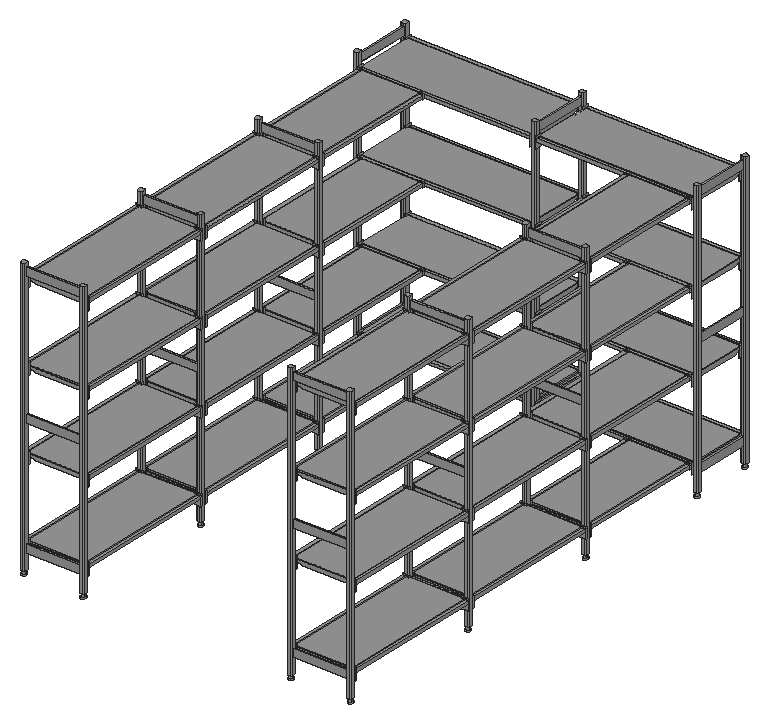
Revit family "QF_ELECTROLUXPROFESSIONAL_137099_CRS2028", category Attrezzature speciali, Revit 2020 (continued)
Definition of nested family "QF_708G"
  Dimensions and locks
    aligned and locked: Extrusion 2 to plane 7
    aligned and locked: plane 8 to Extrusion 2
    aligned and locked: Extrusion 1 to plane 7
    aligned and locked: plane 8 to Extrusion 1
    aligned and locked: Extrusion 1 sketch curve to Extrusion 1 sketch curve  (x2)
    aligned and locked: nested 1 to plane 18 "CXLeft"
    aligned and locked: nested 2 to plane 10
  Automatic sketch dimensions
    curve 2 to plane 4 "Left" = 0 mm
    curve 3 to plane 5 "Right" = 0 mm
    plane 7 to curve 1 = 0 mm
    plane 7 to curve 4 = 0 mm
    plane 7 to curve 5 = 0 mm
    plane 8 to curve 2 = 0 mm
    plane 8 to curve 1 = 0 mm
    plane 8 to curve 3 = 0 mm
    plane 21 "CYFront" to curve 5 = 1.5 mm
    plane 19 to curve 6 = 1.5 mm
    plane 7 to curve 3 = 4 mm
    plane 7 to curve 2 = 4 mm
    plane 12 to curve 4 = 4.493 mm
    curve 4 to plane 11 = 4.493 mm
    plane 5 "Right" to Extrusion 1 sketch curve = 0 mm  (x4)
    plane 4 "Left" to Extrusion 1 sketch curve = 0 mm  (x4)
    plane 21 "CYFront" to Extrusion 1 sketch curve = 1.5 mm  (x2)
    plane 19 to Extrusion 1 sketch curve = 1.5 mm  (x4)
    plane 14 to Extrusion 1 sketch curve = 7.998 mm  (x2)
    Extrusion 1 sketch curve to Extrusion 1 sketch curve = 17.997 mm  (x8)
    plane 15 to Extrusion 1 sketch curve = 7.998 mm  (x2)
    plane 16 to Extrusion 1 sketch curve = 7.998 mm  (x2)
    plane 17 to Extrusion 1 sketch curve = 7.998 mm  (x2)
    plane 21 "CYFront" to Extrusion 2 sketch curve = 3.5 mm  (x4)
    plane 19 to Extrusion 2 sketch curve = 3.493 mm  (x4)
    plane 14 to Extrusion 2 sketch curve = 19.496 mm
    Extrusion 2 sketch curve to Extrusion 2 sketch curve = 6.499 mm  (x4)
    plane 15 to Extrusion 2 sketch curve = 19.496 mm
    plane 16 to Extrusion 2 sketch curve = 19.496 mm
    plane 17 to Extrusion 2 sketch curve = 19.496 mm
  Nested families
    nested 1: "WT_Anta373B" at (-194.5, -132.5, 0) x (0, 1, 0) z (0, 0, 1), type "WT_Anta373B"
    nested 2: "WT_Aggancio373B" at (-194.5, 602.5, 0) x (0, 1, 0) z (0, 0, 1), type "WT_Aggancio373B"
  Definition of nested family "WT_Anta373B"
    Parameters
      WidthLeft = A + 64 mm  # 772 mm
      Width = 1606 mm
      Right = WidthLeft / 2  # 386 mm
      Default Elevation = 0 mm
      Left = -WidthLeft / 2  # -386 mm
      Height = 1590 mm
      FEET = 25 mm
      E = 0 mm
      Dint = Depth - 63 mm  # 310 mm
      Dext = Depth - 8 mm  # 365 mm
      Depth = 373 mm
      DX = (WidthLeft - A) / 2  # 32 mm
      B = 798 mm
      A = 708 mm
    Reference planes
      plane 1: z = 0
      plane 2 "LEFT": x = -417
      plane 3 "BACK": y = 23
      plane 4 "FRONT": y = -350
      plane 5 "TOP": z = 1590
      plane 6 "Center (Front/Back)": y = -163.5
      plane 7: y = -8.5
      plane 8: y = -318.5
      plane 9 "FEET": z = 25
      plane 10: z = 140
      plane 11: z = 590
      plane 12: z = 1040
      plane 13: z = 1490
      plane 14 "CXLeft": x = -403
      plane 15: y = 5.5
      plane 16 "CYBack": y = 5.5
      plane 17 "CYFront": y = -332.5
      plane 18: x = -385.031
      plane 19: x = -380.031
    Forms (mm)
      Extrusion 1, solid
        sketch origin (0, 0, 0) x (1, 0, 0) y (0, 1, 0)
          loop
            line (-417, 13.246) -> (-417, -2.246) -> (-410.746, -8.5) -> (-395.254, -8.5) -> (-389, -2.246) -> (-389, 13.246) -> (-395.254, 19.5) -> (-410.746, 19.5) -> (-417, 13.246)
        from 1590 to 25
      Extrusion 2, solid
        sketch origin (-417, 0, 0) x (0, 1, 0) y (0, 0, 1)
          loop
            line (23, 111.005) -> (23, 172.993) -> (-12.993, 172.993) -> (-12.993, 111.005) -> (23, 111.005)
          loop
            line (-350, 111.005) -> (-314.007, 111.005) -> (-314.007, 172.993) -> (-350, 172.993) -> (-350, 111.005)
          loop
            line (23, 561.005) -> (23, 622.993) -> (-12.993, 622.993) -> (-12.993, 561.005) -> (23, 561.005)
          loop
            line (-350, 561.005) -> (-314.007, 561.005) -> (-314.007, 622.993) -> (-350, 622.993) -> (-350, 561.005)
          loop
            line (23, 1011.005) -> (23, 1072.993) -> (-12.993, 1072.993) -> (-12.993, 1011.005) -> (23, 1011.005)
          loop
            line (-350, 1011.005) -> (-314.007, 1011.005) -> (-314.007, 1072.993) -> (-350, 1072.993) -> (-350, 1011.005)
          loop
            line (23, 1461.005) -> (23, 1522.993) -> (-12.993, 1522.993) -> (-12.993, 1461.005) -> (23, 1461.005)
          loop
            line (-350, 1461.005) -> (-314.007, 1461.005) -> (-314.007, 1522.993) -> (-350, 1522.993) -> (-350, 1461.005)
        from 28 to 32
      Revolve 3, solid
        sketch origin (-403, 0, 0) x (0, 1, 0) y (0, 0, 1)
          loop
            line (5.5, 25) -> (5.5, 0) -> (19, 0) -> (19, 5) -> (14, 5) -> (14, 25) -> (5.5, 25)
          axis (5.5, 25) -> (5.5, 0)
        angle from 0 to 360
      Extrusion 4, solid
        sketch origin (-403, 0, 0) x (0, 1, 0) y (0, 0, 1)
          loop
            line (-8.5, 777.382) -> (-8.5, 822.374) -> (-318.5, 822.374) -> (-318.5, 777.382) -> (-8.5, 777.382)
          loop
            line (-8.5, 1527.244) -> (-8.5, 1572.236) -> (-318.5, 1572.236) -> (-318.5, 1527.244) -> (-8.5, 1527.244)
        from -5 to 5
      Revolve 5, solid
        sketch origin (-403, -627, 0) x (0, -1, 0) y (0, 0, 1)
          loop
            line (-294.5, 25) -> (-294.5, 0) -> (-281, 0) -> (-281, 5) -> (-286, 5) -> (-286, 25) -> (-294.5, 25)
          axis (-294.5, 25) -> (-294.5, 0)
        angle from 0 to 360
      Extrusion 6, solid
        sketch origin (0, -627, 0) x (1, 0, 0) y (0, 1, 0)
          loop
            line (-417, 286.754) -> (-410.746, 280.5) -> (-395.254, 280.5) -> (-389, 286.754) -> (-389, 302.246) -> (-395.254, 308.5) -> (-410.746, 308.5) -> (-417, 302.246) -> (-417, 286.754)
        from 1590 to 25
      Extrusion 7, solid
        sketch origin (-417.031, -0.022, 0) x (0, 1, 0) y (0, 0, -1)
          loop
            line (-12, -1497.998) -> (-46, -1485.994) -> (-281, -1485.994) -> (-315, -1497.998) -> (-331, -1497.998) -> (-331, -1515.994) -> (-329, -1515.994) -> (-329, -1509.496) -> (2.007, -1509.496) -> (2.007, -1515.994) -> (4, -1515.994) -> (4, -1497.998) -> (-12, -1497.998)
          loop
            line (-12, -1047.998) -> (-46, -1035.994) -> (-281, -1035.994) -> (-315, -1047.998) -> (-331, -1047.998) -> (-331, -1065.994) -> (-329, -1065.994) -> (-329, -1059.496) -> (2.007, -1059.496) -> (2.007, -1065.994) -> (4, -1065.994) -> (4, -1047.998) -> (-12, -1047.998)
          loop
            line (-12, -597.998) -> (-46, -585.994) -> (-281, -585.994) -> (-315, -597.998) -> (-331, -597.998) -> (-331, -615.994) -> (-329, -615.994) -> (-329, -609.496) -> (2.007, -609.496) -> (2.007, -615.994) -> (4, -615.994) -> (4, -597.998) -> (-12, -597.998)
          loop
            line (-12, -147.998) -> (-46, -135.994) -> (-281, -135.994) -> (-315, -147.998) -> (-331, -147.998) -> (-331, -165.994) -> (-329, -165.994) -> (-329, -159.496) -> (2.007, -159.496) -> (2.007, -165.994) -> (4, -165.994) -> (4, -147.998) -> (-12, -147.998)
        from -32 to -37
      Extrusion 8, solid
        sketch origin (-403, 0, -659.878) x (0, 1, 0) y (0, 0, 1)
          loop
            line (-8.5, 777.382) -> (-8.5, 822.374) -> (-318.5, 822.374) -> (-318.5, 777.382) -> (-8.5, 777.382)
          loop
            line (-8.5, 1437.382) -> (-8.5, 1482.374) -> (-318.5, 1482.374) -> (-318.5, 1437.382) -> (-8.5, 1437.382)
          loop
            line (-8.5, 2187.382) -> (-8.5, 2232.374) -> (-318.5, 2232.374) -> (-318.5, 2187.382) -> (-8.5, 2187.382)
        from -5 to 5
    Lines and regions (mm)
      symbolic lines
        curve 1: line (-408, -8.5, 1590) -> (-408, -318.5, 1590)
        curve 2: line (-398, -318.5, 1590) -> (-398, -8.5, 1590)
        curve 3: line (-395.254, -8.5, 1590) -> (-410.746, -8.5, 1590)
        curve 4: line (-417, -2.246, 1590) -> (-410.746, -8.5, 1590)
        curve 5: line (-417, 13.246, 1590) -> (-417, -2.246, 1590)
        curve 6: line (-410.746, 19.5, 1590) -> (-417, 13.246, 1590)
        curve 7: line (-395.254, 19.5, 1590) -> (-410.746, 19.5, 1590)
        curve 8: line (-389, 13.246, 1590) -> (-395.254, 19.5, 1590)
        curve 9: line (-395.254, -8.5, 1590) -> (-389, -2.246, 1590)
        curve 10: line (-395.254, -318.5, 1590) -> (-410.746, -318.5, 1590)
        curve 11: line (-417, -324.754, 1590) -> (-410.746, -318.5, 1590)
        curve 12: line (-410.746, -346.5, 1590) -> (-417, -340.246, 1590)
        curve 13: line (-395.254, -346.5, 1590) -> (-410.746, -346.5, 1590)
        curve 14: line (-389, -340.246, 1590) -> (-395.254, -346.5, 1590)
        curve 15: line (-395.254, -318.5, 1590) -> (-389, -324.754, 1590)
        curve 16: line (-389, -350, 1590) -> (-389, -314.007, 1590)
        curve 17: line (-389, -314.007, 1590) -> (-385, -314.007, 1590)
        curve 18: line (-389, 23, 1590) -> (-389, -12.993, 1590)
        curve 19: line (-389, -12.993, 1590) -> (-385, -12.993, 1590)
        curve 20: line (-417, -324.754, 1590) -> (-417, -340.246, 1590)
        curve 21: line (-385, -350, 1590) -> (-385, -314.007, 1590)
        curve 22: line (-385, -350, 1590) -> (-389, -350, 1590)
        curve 23: line (-385, 23, 1590) -> (-389, 23, 1590)
        curve 24: line (-385, -12.993, 1590) -> (-385, 23, 1590)
        curve 25: line (-385.031, -13.016, 1725) -> (-385.031, -314.029, 1725)
    Dimensions and locks
      "Depth": plane 3 "BACK" to plane 4 "FRONT"
      "Dint": plane 7 to plane 8
      equal spacing: plane 7, plane 6 "Center (Front/Back)", plane 8
      equal spacing: plane 3 "BACK", plane 6 "Center (Front/Back)", plane 4 "FRONT"
      plane 9 "FEET" to level = 25 mm
      plane 10 to plane 9 "FEET" = 115 mm
      plane 11 to plane 10 = 450 mm
      plane 12 to plane 11 = 450 mm
      plane 13 to plane 12 = 450 mm
      locked: plane 2 "LEFT" to plane 14 "CXLeft" at 14
      locked: plane 3 "BACK" to plane 16 "CYBack" at 17.5
      locked: plane 17 "CYFront" to plane 4 "FRONT" at 17.5
      locked: Revolve 3 sketch curve to Revolve 3 sketch curve at 8.5
      locked: Revolve 3 sketch curve to plane 16 "CYBack" at 13.5
      locked: Revolve 5 sketch curve to Revolve 5 sketch curve at 8.5
      plane 10 to level = 140 mm
      plane 11 to level = 590 mm
      plane 12 to level = 1040 mm
      plane 13 to level = 1490 mm
      "Height": plane 5 "TOP" to level
      aligned and locked: level to plane 1
      aligned and locked: curve 20 to Extrusion 6
      aligned and locked: plane 5 "TOP" to Extrusion 1
      aligned and locked: plane 5 "TOP" to Extrusion 6
      aligned and locked: Extrusion 7 sketch curve to Extrusion 7 sketch curve  (x3)
    Automatic sketch dimensions
      curve 16 to plane 4 "FRONT" = 0 mm
      curve 11 to plane 8 = 0 mm
      curve 9 to plane 7 = 0 mm
      curve 5 to plane 2 "LEFT" = 0 mm
      curve 23 to plane 3 "BACK" = 0 mm
      plane 4 "FRONT" to curve 13 = 3.5 mm
      curve 20 to plane 17 "CYFront" = 7.746 mm
      curve 20 to plane 8 = 6.254 mm
      plane 8 to curve 16 = 4.493 mm
      curve 24 to plane 18 = 0.031 mm
      curve 24 to plane 7 = 4.493 mm
      plane 7 to curve 5 = 6.254 mm
      curve 5 to plane 15 = 7.746 mm
      curve 6 to plane 3 "BACK" = 3.5 mm
      curve 21 to plane 18 = 0.031 mm
      plane 18 to curve 23 = 3.969 mm
      plane 18 to curve 16 = 3.969 mm
      curve 18 to curve 8 = 6.254 mm
      curve 18 to curve 3 = 6.254 mm
      curve 16 to curve 13 = 6.254 mm
      curve 16 to curve 15 = 6.254 mm
      plane 2 "LEFT" to curve 10 = 6.254 mm
      plane 2 "LEFT" to curve 7 = 6.254 mm
      plane 2 "LEFT" to curve 12 = 6.254 mm
      plane 2 "LEFT" to curve 3 = 6.254 mm
      curve 14 to plane 17 "CYFront" = 7.746 mm
      curve 15 to plane 8 = 6.254 mm
      plane 7 to curve 9 = 6.254 mm
      curve 8 to plane 15 = 7.746 mm
      curve 3 to curve 2 = 2.746 mm
      curve 1 to curve 10 = 2.746 mm
      Extrusion 1 sketch curve to plane 2 "LEFT" = 0 mm
      Extrusion 1 sketch curve to plane 7 = 0 mm
      plane 2 "LEFT" to Extrusion 1 sketch curve = 6.254 mm  (x2)
      plane 14 "CXLeft" to Extrusion 1 sketch curve = 7.746 mm  (x2)
      Extrusion 1 sketch curve to plane 3 "BACK" = 3.5 mm
      plane 18 to Extrusion 1 sketch curve = 3.969 mm
      plane 7 to Extrusion 1 sketch curve = 6.254 mm  (x2)
      Extrusion 1 sketch curve to plane 15 = 7.746 mm  (x2)
      Extrusion 2 sketch curve to plane 4 "FRONT" = 0 mm  (x4)
      Extrusion 2 sketch curve to plane 3 "BACK" = 0 mm  (x4)
      plane 8 to Extrusion 2 sketch curve = 4.493 mm  (x4)
      Extrusion 2 sketch curve to plane 7 = 4.493 mm  (x4)
      Extrusion 2 sketch curve to plane 10 = 28.995 mm  (x2)
      plane 10 to Extrusion 2 sketch curve = 32.993 mm  (x2)
      Extrusion 2 sketch curve to plane 11 = 28.995 mm  (x2)
      plane 11 to Extrusion 2 sketch curve = 32.993 mm  (x2)
      Extrusion 2 sketch curve to plane 12 = 28.995 mm  (x2)
      plane 12 to Extrusion 2 sketch curve = 32.993 mm  (x2)
      Extrusion 2 sketch curve to plane 13 = 28.995 mm  (x2)
      plane 13 to Extrusion 2 sketch curve = 32.993 mm  (x2)
      Revolve 3 sketch curve to plane 9 "FEET" = 0 mm  (x2)
      Revolve 3 sketch curve to plane 15 = 0 mm  (x2)
      Revolve 3 sketch curve to level = 0 mm
      level to Revolve 3 sketch curve = 5 mm
      Revolve 3 sketch curve to Revolve 3 sketch curve = 11.655 mm
      Extrusion 4 sketch curve to plane 8 = 0 mm  (x2)
      Extrusion 4 sketch curve to plane 7 = 0 mm  (x2)
      plane 11 to Extrusion 4 sketch curve = 187.382 mm
      Extrusion 4 sketch curve to Extrusion 4 sketch curve = 44.992 mm
      plane 13 to Extrusion 4 sketch curve = 37.244 mm
      Extrusion 4 sketch curve to plane 5 "TOP" = 17.764 mm
      Revolve 5 sketch curve to plane 9 "FEET" = 0 mm  (x2)
      Revolve 5 sketch curve to plane 17 "CYFront" = 0 mm  (x2)
      Revolve 5 sketch curve to level = 0 mm
      Revolve 5 sketch curve to plane 4 "FRONT" = 4 mm
      Revolve 5 sketch curve to Revolve 5 sketch curve = 5 mm
      level to Revolve 5 sketch curve = 11.655 mm
      Extrusion 6 sketch curve to plane 2 "LEFT" = 0 mm
      Extrusion 6 sketch curve to plane 8 = 0 mm
      Extrusion 6 sketch curve to plane 2 "LEFT" = 6.254 mm  (x2)
      Extrusion 6 sketch curve to plane 14 "CXLeft" = 7.746 mm  (x2)
      Extrusion 6 sketch curve to plane 4 "FRONT" = 3.5 mm
      Extrusion 6 sketch curve to plane 18 = 3.969 mm
      plane 8 to Extrusion 6 sketch curve = 6.254 mm  (x2)
      plane 17 "CYFront" to Extrusion 6 sketch curve = 7.746 mm  (x2)
      plane 17 "CYFront" to Extrusion 7 sketch curve = 1.478 mm  (x4)
      Extrusion 7 sketch curve to Extrusion 7 sketch curve = 2 mm
      plane 8 to Extrusion 7 sketch curve = 3.478 mm  (x4)
      Extrusion 7 sketch curve to plane 10 = 4.006 mm
      Extrusion 7 sketch curve to Extrusion 7 sketch curve = 34 mm  (x4)
      Extrusion 7 sketch curve to plane 11 = 4.006 mm
      Extrusion 7 sketch curve to plane 12 = 4.006 mm
      Extrusion 7 sketch curve to plane 13 = 4.006 mm
      Extrusion 7 sketch curve to plane 7 = 37.522 mm  (x4)
      Extrusion 7 sketch curve to plane 7 = 3.522 mm  (x4)
      plane 15 to Extrusion 7 sketch curve = 3.516 mm  (x4)
      plane 15 to Extrusion 7 sketch curve = 1.522 mm  (x4)
      plane 13 to Extrusion 7 sketch curve = 7.998 mm  (x2)
      Extrusion 7 sketch curve to Extrusion 7 sketch curve = 11.498 mm
      Extrusion 7 sketch curve to Extrusion 7 sketch curve = 6.499 mm  (x5)
      plane 12 to Extrusion 7 sketch curve = 25.994 mm  (x2)
      plane 12 to Extrusion 7 sketch curve = 7.998 mm  (x2)
      plane 11 to Extrusion 7 sketch curve = 25.994 mm  (x2)
      plane 11 to Extrusion 7 sketch curve = 7.998 mm  (x2)
      plane 10 to Extrusion 7 sketch curve = 25.994 mm  (x2)
      plane 10 to Extrusion 7 sketch curve = 7.998 mm  (x2)
      curve 25 to plane 18 = 0 mm
      plane 8 to curve 25 = 4.471 mm
      curve 25 to plane 7 = 4.516 mm
      Extrusion 8 sketch curve to plane 8 = 0 mm  (x3)
      Extrusion 8 sketch curve to plane 7 = 0 mm  (x3)
      Extrusion 8 sketch curve to plane 10 = 22.496 mm
      plane 10 to Extrusion 8 sketch curve = 22.496 mm
      plane 11 to Extrusion 8 sketch curve = 187.504 mm
      Extrusion 8 sketch curve to Extrusion 8 sketch curve = 44.992 mm
      plane 13 to Extrusion 8 sketch curve = 37.504 mm
      Extrusion 8 sketch curve to plane 5 "TOP" = 17.504 mm
  Definition of nested family "WT_Aggancio373B"
    Parameters
      WidthLeft = A + 64 mm  # 772 mm
      Width = 1606 mm
      Right = WidthLeft / 2  # 386 mm
      Default Elevation = 0 mm
      Left = -WidthLeft / 2  # -386 mm
      Height = 1590 mm
      FEET = 25 mm
      E = 0 mm
      Dint = Depth - 63 mm  # 310 mm
      Dext = Depth - 8 mm  # 365 mm
      Depth = 373 mm
      DX = (WidthLeft - A) / 2  # 32 mm
      B = 798 mm
      A = 708 mm
    Reference planes
      plane 1: z = 0
      plane 2 "LEFT": x = -417
      plane 3 "BACK": y = 23
      plane 4 "FRONT": y = -350
      plane 5 "TOP": z = 1590
      plane 6 "Center (Front/Back)": y = -163.5
      plane 7: y = -8.5
      plane 8: y = -318.5
      plane 9 "FEET": z = 25
      plane 10: z = 140
      plane 11: z = 590
      plane 12: z = 1040
      plane 13: z = 1490
      plane 14: y = 5.5
      plane 15 "CYBack": y = 5.5
      plane 16 "CYFront": y = -332.5
    Forms (mm)
      Extrusion 1, solid
        sketch origin (-380, -0.022, 0) x (0, 1, 0) y (0, 0, 1)
          loop
            line (-12, 1497.998) -> (4, 1497.998) -> (4, 1515.994) -> (2.007, 1515.994) -> (2.007, 1509.496) -> (-329, 1509.496) -> (-329, 1515.994) -> (-331, 1515.994) -> (-331, 1497.998) -> (-315, 1497.998) -> (-281, 1485.994) -> (-46, 1485.994) -> (-12, 1497.998)
          loop
            line (-12, 1047.998) -> (4, 1047.998) -> (4, 1065.994) -> (2.007, 1065.994) -> (2.007, 1059.496) -> (-329, 1059.496) -> (-329, 1065.994) -> (-331, 1065.994) -> (-331, 1047.998) -> (-315, 1047.998) -> (-281, 1035.994) -> (-46, 1035.994) -> (-12, 1047.998)
          loop
            line (-12, 597.998) -> (4, 597.998) -> (4, 615.994) -> (2.007, 615.994) -> (2.007, 609.496) -> (-329, 609.496) -> (-329, 615.994) -> (-331, 615.994) -> (-331, 597.998) -> (-315, 597.998) -> (-281, 585.994) -> (-46, 585.994) -> (-12, 597.998)
          loop
            line (-12, 147.998) -> (4, 147.998) -> (4, 165.994) -> (2.007, 165.994) -> (2.007, 159.496) -> (-329, 159.496) -> (-329, 165.994) -> (-331, 165.994) -> (-331, 147.998) -> (-315, 147.998) -> (-281, 135.994) -> (-46, 135.994) -> (-12, 147.998)
        from -32 to -37
      Extrusion 2, solid
        sketch origin (-793.062, -324.754, 6.5) x (1, 0, 0) y (0, 0, 1)
          loop
            line (385.062, 1509.496) -> (385.062, 1512.496) -> (376.062, 1512.496) -> (376.062, 1485.994) -> (390.031, 1485.994) -> (390.031, 1491.496) -> (381.062, 1491.496) -> (381.062, 1509.496) -> (385.062, 1509.496)
          loop
            line (385.062, 1059.496) -> (385.062, 1062.496) -> (376.062, 1062.496) -> (376.062, 1035.994) -> (390.031, 1035.994) -> (390.031, 1041.496) -> (381.062, 1041.496) -> (381.062, 1059.496) -> (385.062, 1059.496)
          loop
            line (385.062, 609.496) -> (385.062, 612.496) -> (376.062, 612.496) -> (376.062, 585.994) -> (390.031, 585.994) -> (390.031, 591.496) -> (381.062, 591.496) -> (381.062, 609.496) -> (385.062, 609.496)
          loop
            line (385.062, 159.496) -> (385.062, 162.496) -> (376.062, 162.496) -> (376.062, 135.994) -> (390.031, 135.994) -> (390.031, 141.496) -> (381.062, 141.496) -> (381.062, 159.496) -> (385.062, 159.496)
        from 6.268 to 25.246
      Extrusion 3, solid
        sketch origin (-793.062, 32.754, 6.5) x (1, 0, 0) y (0, 0, 1)
          loop
            line (385.062, 1509.496) -> (385.062, 1512.496) -> (376.062, 1512.496) -> (376.062, 1485.994) -> (390.031, 1485.994) -> (390.031, 1491.496) -> (381.062, 1491.496) -> (381.062, 1509.496) -> (385.062, 1509.496)
          loop
            line (385.062, 1059.496) -> (385.062, 1062.496) -> (376.062, 1062.496) -> (376.062, 1035.994) -> (390.031, 1035.994) -> (390.031, 1041.496) -> (381.062, 1041.496) -> (381.062, 1059.496) -> (385.062, 1059.496)
          loop
            line (385.062, 609.496) -> (385.062, 612.496) -> (376.062, 612.496) -> (376.062, 585.994) -> (390.031, 585.994) -> (390.031, 591.496) -> (381.062, 591.496) -> (381.062, 609.496) -> (385.062, 609.496)
          loop
            line (385.062, 159.496) -> (385.062, 162.496) -> (376.062, 162.496) -> (376.062, 135.994) -> (390.031, 135.994) -> (390.031, 141.496) -> (381.062, 141.496) -> (381.062, 159.496) -> (385.062, 159.496)
        from 9.754 to 28.776
    Lines and regions (mm)
      symbolic lines
        curve 1: line (-412, -350, 0) -> (-408, -350, 0)
        curve 2: line (-412, -331.022, 0) -> (-412, -350, 0)
        curve 3: line (-408, -331.022, 0) -> (-412, -331.022, 0)
        curve 4: line (-408, -350, 0) -> (-408, -331.022, 0)
        curve 5: line (-412, 3.978, 0) -> (-408, 3.978, 0)
        curve 6: line (-412, 23, 0) -> (-412, 3.978, 0)
        curve 7: line (-408, 23, 0) -> (-412, 23, 0)
        curve 8: line (-408, 3.978, 0) -> (-408, 23, 0)
    Dimensions and locks
      "Height": plane 5 "TOP" to level
      "Depth": plane 3 "BACK" to plane 4 "FRONT"
      "Dint": plane 7 to plane 8
      equal spacing: plane 7, plane 6 "Center (Front/Back)", plane 8
      equal spacing: plane 3 "BACK", plane 6 "Center (Front/Back)", plane 4 "FRONT"
      plane 9 "FEET" to level = 25 mm
      plane 10 to plane 9 "FEET" = 115 mm
      locked: plane 11 to plane 10 at 450
      locked: plane 12 to plane 11 at 450
      locked: plane 13 to plane 12 at 450
      locked: plane 3 "BACK" to plane 15 "CYBack" at 17.5
      locked: plane 16 "CYFront" to plane 4 "FRONT" at 17.5
      aligned and locked: level to plane 1
      aligned and locked: Extrusion 1 sketch curve to Extrusion 1 sketch curve  (x3)
    Automatic sketch dimensions
      plane 16 "CYFront" to Extrusion 1 sketch curve = 1.478 mm  (x4)
      Extrusion 1 sketch curve to Extrusion 1 sketch curve = 2 mm
      plane 8 to Extrusion 1 sketch curve = 3.478 mm  (x4)
      Extrusion 1 sketch curve to plane 10 = 4.006 mm
      Extrusion 1 sketch curve to Extrusion 1 sketch curve = 34 mm  (x4)
      Extrusion 1 sketch curve to plane 11 = 4.006 mm
      Extrusion 1 sketch curve to plane 12 = 4.006 mm
      Extrusion 1 sketch curve to plane 13 = 4.006 mm
      Extrusion 1 sketch curve to plane 7 = 37.522 mm  (x4)
      Extrusion 1 sketch curve to plane 7 = 3.522 mm  (x4)
      plane 14 to Extrusion 1 sketch curve = 3.516 mm  (x4)
      plane 14 to Extrusion 1 sketch curve = 1.522 mm  (x4)
      plane 10 to Extrusion 1 sketch curve = 7.998 mm  (x2)
      Extrusion 1 sketch curve to Extrusion 1 sketch curve = 11.498 mm  (x4)
      Extrusion 1 sketch curve to Extrusion 1 sketch curve = 6.499 mm  (x8)
      plane 11 to Extrusion 1 sketch curve = 7.998 mm  (x2)
      plane 12 to Extrusion 1 sketch curve = 7.998 mm  (x2)
      plane 13 to Extrusion 1 sketch curve = 7.998 mm  (x2)
      plane 2 "LEFT" to Extrusion 2 sketch curve = 0 mm  (x4)
      plane 13 to Extrusion 2 sketch curve = 7.996 mm
      plane 11 to Extrusion 2 sketch curve = 7.996 mm
      Extrusion 2 sketch curve to Extrusion 2 sketch curve = 5 mm  (x4)
      plane 11 to Extrusion 2 sketch curve = 2.494 mm
      plane 10 to Extrusion 2 sketch curve = 28.996 mm
      Extrusion 2 sketch curve to Extrusion 2 sketch curve = 3 mm  (x4)
      plane 10 to Extrusion 2 sketch curve = 7.996 mm
      plane 10 to Extrusion 2 sketch curve = 2.494 mm
      Extrusion 2 sketch curve to Extrusion 2 sketch curve = 18 mm  (x3)
      plane 12 to Extrusion 2 sketch curve = 2.494 mm
      plane 12 to Extrusion 2 sketch curve = 7.996 mm
      plane 13 to Extrusion 2 sketch curve = 2.494 mm
      plane 2 "LEFT" to Extrusion 3 sketch curve = 0 mm  (x4)
      plane 13 to Extrusion 3 sketch curve = 7.996 mm
      plane 11 to Extrusion 3 sketch curve = 7.996 mm
      Extrusion 3 sketch curve to Extrusion 3 sketch curve = 5 mm  (x4)
      plane 11 to Extrusion 3 sketch curve = 2.494 mm
      plane 10 to Extrusion 3 sketch curve = 28.996 mm
      Extrusion 3 sketch curve to Extrusion 3 sketch curve = 3 mm  (x4)
      plane 10 to Extrusion 3 sketch curve = 7.996 mm
      plane 10 to Extrusion 3 sketch curve = 2.494 mm
      Extrusion 3 sketch curve to Extrusion 3 sketch curve = 18 mm  (x3)
      plane 12 to Extrusion 3 sketch curve = 2.494 mm
      plane 12 to Extrusion 3 sketch curve = 7.996 mm
      plane 13 to Extrusion 3 sketch curve = 2.494 mm
      plane 2 "LEFT" to curve 1 = 5 mm
      plane 2 "LEFT" to curve 7 = 5 mm
      curve 1 to plane 16 "CYFront" = 17.5 mm
      curve 3 to plane 8 = 12.522 mm
      plane 7 to curve 5 = 12.478 mm
      curve 7 to plane 14 = 17.5 mm
      curve 5 to curve 5 = 4 mm
      curve 1 to curve 4 = 4 mm
      Extrusion 2 sketch curve to Extrusion 2 sketch curve = 4 mm  (x4)
      Extrusion 2 sketch curve to Extrusion 2 sketch curve = 8.969 mm  (x4)
      Extrusion 3 sketch curve to Extrusion 3 sketch curve = 4 mm  (x4)
      Extrusion 3 sketch curve to Extrusion 3 sketch curve = 8.969 mm  (x4)
Definition of nested family "QF_798"
  Parameters
    Default Elevation = 0 mm
    Model = "137011"
    Manufacturer = "Electrolux Professional"
    Description = ""
  Reference planes
    plane 1: z = 0
    plane 2 "Center (Left/Right)": x = -31
    plane 3 "LEFT": x = -462
    plane 4 "RIGHT": x = 400
    plane 5 "BACK": y = 23
    plane 6 "FRONT": y = -350
    plane 7 "TOP": z = 1700
    plane 8: x = 395
    plane 9: x = -430
    plane 10: x = 368
    plane 11 "Center (Front/Back)": y = -163.5
    plane 12: x = 363
    plane 13: y = -8.5
    plane 14: y = -318.5
    plane 15 "FEET": z = 25
    plane 16: z = 140
    plane 17: z = 590
    plane 18: z = 1040
    plane 19: z = 1490
    plane 20 "CXLeft": x = -448
    plane 21 "CXRight": x = 386
    plane 22: y = 5.5
    plane 23 "CYBack": y = 5.5
    plane 24 "CYFront": y = -332.5
  Forms (mm)
    Extrusion 1, solid
      sketch origin (-462, 0, 0) x (0, 1, 0) y (0, 0, 1)
        loop
          line (4, 1515.994) -> (4, 1497.998) -> (23, 1497.998) -> (23, 1515.994) -> (4, 1515.994)
        loop
          line (-331, 1515.994) -> (-350, 1515.994) -> (-350, 1497.998) -> (-331, 1497.998) -> (-331, 1515.994)
        loop
          line (4, 1065.994) -> (4, 1047.998) -> (23, 1047.998) -> (23, 1065.994) -> (4, 1065.994)
        loop
          line (-331, 1065.994) -> (-350, 1065.994) -> (-350, 1047.998) -> (-331, 1047.998) -> (-331, 1065.994)
        loop
          line (4, 615.994) -> (4, 597.998) -> (23, 597.998) -> (23, 615.994) -> (4, 615.994)
        loop
          line (-331, 615.994) -> (-350, 615.994) -> (-350, 597.998) -> (-331, 597.998) -> (-331, 615.994)
        loop
          line (4, 165.994) -> (4, 147.998) -> (23, 147.998) -> (23, 165.994) -> (4, 165.994)
        loop
          line (-331, 165.994) -> (-350, 165.994) -> (-350, 147.998) -> (-331, 147.998) -> (-331, 165.994)
      from 32 to 830
    Extrusion 2, solid
      sketch origin (-462, 0, 135) x (0, 1, 0) y (0, 0, 1)
        loop
          line (2.007, 1380.994) -> (-329, 1380.994) -> (-329, 1374.496) -> (2.007, 1374.496) -> (2.007, 1380.994)
        loop
          line (2.007, 930.994) -> (-329, 930.994) -> (-329, 924.496) -> (2.007, 924.496) -> (2.007, 930.994)
        loop
          line (2.007, 480.994) -> (-329, 480.994) -> (-329, 474.496) -> (2.007, 474.496) -> (2.007, 480.994)
        loop
          line (2.007, 30.994) -> (-329, 30.994) -> (-329, 24.496) -> (2.007, 24.496) -> (2.007, 30.994)
      from 32 to 830
    Extrusion 3, solid
      sketch origin (400, 0, 135) x (0, 1, 0) y (0, 0, 1)
        loop
          line (-12, 1362.998) -> (4, 1362.998) -> (4, 1380.994) -> (2.007, 1380.994) -> (2.007, 1374.496) -> (-329, 1374.496) -> (-329, 1380.994) -> (-331, 1380.994) -> (-331, 1362.998) -> (-315, 1362.998) -> (-281, 1350.994) -> (-46, 1350.994) -> (-12, 1362.998)
        loop
          line (-12, 912.998) -> (4, 912.998) -> (4, 930.994) -> (2.007, 930.994) -> (2.007, 924.496) -> (-329, 924.496) -> (-329, 930.994) -> (-331, 930.994) -> (-331, 912.998) -> (-315, 912.998) -> (-281, 900.994) -> (-46, 900.994) -> (-12, 912.998)
        loop
          line (-12, 462.998) -> (4, 462.998) -> (4, 480.994) -> (2.007, 480.994) -> (2.007, 474.496) -> (-329, 474.496) -> (-329, 480.994) -> (-331, 480.994) -> (-331, 462.998) -> (-315, 462.998) -> (-281, 450.994) -> (-46, 450.994) -> (-12, 462.998)
        loop
          line (-12, 12.998) -> (4, 12.998) -> (4, 30.994) -> (2.007, 30.994) -> (2.007, 24.496) -> (-329, 24.496) -> (-329, 30.994) -> (-331, 30.994) -> (-331, 12.998) -> (-315, 12.998) -> (-281, 0.994) -> (-46, 0.994) -> (-12, 12.998)
      from -32 to -37
  Lines and regions (mm)
    symbolic lines
      curve 1: line (368, 4, 1700) -> (-430, 4, 1700)
      curve 2: line (-434, 23, 1700) -> (372, 23, 1700)
      curve 3: line (372, 13.246, 1700) -> (378.254, 19.5, 1700)
      curve 4: line (378.254, -8.5, 1700) -> (372, -2.246, 1700)
      curve 5: line (378.254, -318.5, 1700) -> (372, -324.754, 1700)
      curve 6: line (-434, -350, 1700) -> (372, -350, 1700)
      curve 7: line (372, 23, 1700) -> (372, -12.993, 1700)
      curve 8: line (372, -12.993, 1700) -> (368, -12.993, 1700)
      curve 9: line (372, -350, 1700) -> (372, -314.007, 1700)
      curve 10: line (372, -314.007, 1700) -> (368, -314.007, 1700)
      curve 11: line (-430, -12.993, 1700) -> (-430, -314.007, 1700)
      curve 12: line (-430, -331, 1700) -> (368, -331, 1700)
      curve 13: line (368, -12.993, 1700) -> (368, -314.007, 1700)
  Dimensions and locks
    locked: plane 3 "LEFT" to plane 4 "RIGHT" at 862
    equal spacing: plane 3 "LEFT", plane 2 "Center (Left/Right)", plane 4 "RIGHT"
    locked: plane 7 "TOP" to level at 1700
    locked: plane 5 "BACK" to plane 6 "FRONT" at 373
    locked: plane 4 "RIGHT" to plane 8 at 5
    locked: plane 9 to plane 10 at 798
    locked: plane 3 "LEFT" to plane 9 at 32
    plane 12 to plane 10 = 5 mm
    locked: plane 13 to plane 14 at 310
    equal spacing: plane 13, plane 11 "Center (Front/Back)", plane 14
    equal spacing: plane 5 "BACK", plane 11 "Center (Front/Back)", plane 6 "FRONT"
    plane 15 "FEET" to level = 25 mm
    plane 7 "TOP" to plane 15 "FEET" = 1675 mm
    plane 17 to plane 16 = 450 mm
    plane 18 to plane 17 = 450 mm
    plane 19 to plane 18 = 450 mm
    locked: plane 3 "LEFT" to plane 20 "CXLeft" at 14
    locked: plane 21 "CXRight" to plane 4 "RIGHT" at 14
    locked: plane 5 "BACK" to plane 23 "CYBack" at 17.5
    locked: plane 24 "CYFront" to plane 6 "FRONT" at 17.5
    plane 16 to level = 140 mm
    plane 17 to level = 590 mm
    plane 18 to level = 1040 mm
    plane 19 to level = 1490 mm
    aligned and locked: level to plane 1
    aligned and locked: plane 9 to Extrusion 2
    aligned and locked: Extrusion 2 to plane 10
    aligned and locked: plane 9 to Extrusion 1
    aligned and locked: Extrusion 1 to plane 10
    aligned and locked: Extrusion 1 sketch curve to Extrusion 1 sketch curve  (x2)
    aligned and locked: Extrusion 3 sketch curve to Extrusion 3 sketch curve  (x3)
    aligned and locked: Extrusion 3 to plane 12
    aligned and locked: Extrusion 3 to plane 10
    aligned and locked: plane 20 "CXLeft" to nested 1
    aligned and locked: plane 21 "CXRight" to nested 2
  Automatic sketch dimensions
    Extrusion 1 sketch curve to plane 6 "FRONT" = 0 mm  (x4)
    Extrusion 1 sketch curve to plane 5 "BACK" = 0 mm  (x4)
    plane 24 "CYFront" to Extrusion 1 sketch curve = 1.5 mm  (x2)
    plane 22 to Extrusion 1 sketch curve = 1.5 mm  (x4)
    plane 16 to Extrusion 1 sketch curve = 7.998 mm  (x2)
    Extrusion 1 sketch curve to Extrusion 1 sketch curve = 17.997 mm  (x8)
    plane 17 to Extrusion 1 sketch curve = 7.998 mm  (x2)
    plane 18 to Extrusion 1 sketch curve = 7.998 mm  (x2)
    plane 19 to Extrusion 1 sketch curve = 7.998 mm  (x2)
    plane 24 "CYFront" to Extrusion 2 sketch curve = 3.5 mm  (x4)
    plane 22 to Extrusion 2 sketch curve = 3.493 mm  (x4)
    plane 16 to Extrusion 2 sketch curve = 19.496 mm
    Extrusion 2 sketch curve to Extrusion 2 sketch curve = 6.499 mm  (x4)
    plane 17 to Extrusion 2 sketch curve = 19.496 mm
    plane 18 to Extrusion 2 sketch curve = 19.496 mm
    plane 19 to Extrusion 2 sketch curve = 19.496 mm
    plane 24 "CYFront" to Extrusion 3 sketch curve = 1.5 mm  (x4)
    Extrusion 3 sketch curve to Extrusion 3 sketch curve = 2 mm
    plane 14 to Extrusion 3 sketch curve = 3.5 mm  (x4)
    Extrusion 3 sketch curve to plane 16 = 4.006 mm
    Extrusion 3 sketch curve to Extrusion 3 sketch curve = 34 mm  (x4)
    Extrusion 3 sketch curve to plane 17 = 4.006 mm
    Extrusion 3 sketch curve to plane 18 = 4.006 mm
    Extrusion 3 sketch curve to plane 19 = 4.006 mm
    Extrusion 3 sketch curve to plane 13 = 37.5 mm  (x4)
    Extrusion 3 sketch curve to plane 13 = 3.5 mm  (x4)
    plane 22 to Extrusion 3 sketch curve = 3.493 mm  (x4)
    plane 22 to Extrusion 3 sketch curve = 1.5 mm  (x4)
    plane 16 to Extrusion 3 sketch curve = 7.998 mm  (x2)
    Extrusion 3 sketch curve to Extrusion 3 sketch curve = 11.498 mm  (x4)
    Extrusion 3 sketch curve to Extrusion 3 sketch curve = 6.499 mm  (x8)
    plane 17 to Extrusion 3 sketch curve = 7.998 mm  (x2)
    plane 18 to Extrusion 3 sketch curve = 7.998 mm  (x2)
    plane 19 to Extrusion 3 sketch curve = 7.998 mm  (x2)
    curve 6 to plane 6 "FRONT" = 0 mm
    curve 12 to plane 9 = 0 mm
    curve 12 to plane 10 = 0 mm
    curve 5 to plane 14 = 0 mm
    curve 11 to plane 9 = 0 mm
    curve 8 to plane 10 = 0 mm
    curve 4 to plane 13 = 0 mm
    curve 1 to plane 9 = 0 mm
    curve 1 to plane 10 = 0 mm
    curve 2 to plane 5 "BACK" = 0 mm
    plane 14 to curve 10 = 4.493 mm
    curve 7 to plane 13 = 4.493 mm
    curve 10 to plane 10 = 4 mm
    curve 7 to plane 10 = 4 mm
    plane 24 "CYFront" to curve 12 = 1.5 mm
    curve 5 to plane 14 = 6.254 mm
    plane 14 to curve 11 = 4.493 mm
    curve 11 to plane 13 = 4.493 mm
    plane 13 to curve 4 = 6.254 mm
    plane 22 to curve 1 = 1.5 mm
    curve 3 to plane 22 = 7.746 mm
    curve 3 to plane 5 "BACK" = 3.5 mm
    curve 5 to curve 9 = 6.254 mm
    curve 3 to curve 2 = 6.254 mm
    curve 4 to curve 7 = 6.254 mm
    plane 9 to curve 2 = 4 mm
    plane 9 to curve 6 = 4 mm
  Nested families
    nested 1: "WT_Anta373B" at (-45, 0, 0), type "WT_Anta373B"
    nested 2: "WT_Anta373B" at (-17, 0, 0) x (-1, 0, 0) z (0, 0, 1), type "WT_Anta373B"
  Definition of nested family "WT_Anta373B"
    Parameters
      WidthLeft = A + 64 mm  # 772 mm
      Width = 1606 mm
      Right = WidthLeft / 2  # 386 mm
      Default Elevation = 0 mm
      Left = -WidthLeft / 2  # -386 mm
      Height = 1590 mm
      FEET = 25 mm
      E = 0 mm
      Dint = Depth - 63 mm  # 310 mm
      Dext = Depth - 8 mm  # 365 mm
      Depth = 373 mm
      DX = (WidthLeft - A) / 2  # 32 mm
      B = 798 mm
      A = 708 mm
    Reference planes
      plane 1: z = 0
      plane 2 "LEFT": x = -417
      plane 3 "BACK": y = 23
      plane 4 "FRONT": y = -350
      plane 5 "TOP": z = 1590
      plane 6 "Center (Front/Back)": y = -163.5
      plane 7: y = -8.5
      plane 8: y = -318.5
      plane 9 "FEET": z = 25
      plane 10: z = 140
      plane 11: z = 590
      plane 12: z = 1040
      plane 13: z = 1490
      plane 14 "CXLeft": x = -403
      plane 15: y = 5.5
      plane 16 "CYBack": y = 5.5
      plane 17 "CYFront": y = -332.5
      plane 18: x = -385.031
      plane 19: x = -380.031
    Forms (mm)
      Extrusion 1, solid
        sketch origin (0, 0, 0) x (1, 0, 0) y (0, 1, 0)
          loop
            line (-417, 13.246) -> (-417, -2.246) -> (-410.746, -8.5) -> (-395.254, -8.5) -> (-389, -2.246) -> (-389, 13.246) -> (-395.254, 19.5) -> (-410.746, 19.5) -> (-417, 13.246)
        from 1590 to 25
      Extrusion 2, solid
        sketch origin (-417, 0, 0) x (0, 1, 0) y (0, 0, 1)
          loop
            line (23, 111.005) -> (23, 172.993) -> (-12.993, 172.993) -> (-12.993, 111.005) -> (23, 111.005)
          loop
            line (-350, 111.005) -> (-314.007, 111.005) -> (-314.007, 172.993) -> (-350, 172.993) -> (-350, 111.005)
          loop
            line (23, 561.005) -> (23, 622.993) -> (-12.993, 622.993) -> (-12.993, 561.005) -> (23, 561.005)
          loop
            line (-350, 561.005) -> (-314.007, 561.005) -> (-314.007, 622.993) -> (-350, 622.993) -> (-350, 561.005)
          loop
            line (23, 1011.005) -> (23, 1072.993) -> (-12.993, 1072.993) -> (-12.993, 1011.005) -> (23, 1011.005)
          loop
            line (-350, 1011.005) -> (-314.007, 1011.005) -> (-314.007, 1072.993) -> (-350, 1072.993) -> (-350, 1011.005)
          loop
            line (23, 1461.005) -> (23, 1522.993) -> (-12.993, 1522.993) -> (-12.993, 1461.005) -> (23, 1461.005)
          loop
            line (-350, 1461.005) -> (-314.007, 1461.005) -> (-314.007, 1522.993) -> (-350, 1522.993) -> (-350, 1461.005)
        from 28 to 32
      Revolve 3, solid
        sketch origin (-403, 0, 0) x (0, 1, 0) y (0, 0, 1)
          loop
            line (5.5, 25) -> (5.5, 0) -> (19, 0) -> (19, 5) -> (14, 5) -> (14, 25) -> (5.5, 25)
          axis (5.5, 25) -> (5.5, 0)
        angle from 0 to 360
      Extrusion 4, solid
        sketch origin (-403, 0, 0) x (0, 1, 0) y (0, 0, 1)
          loop
            line (-8.5, 777.382) -> (-8.5, 822.374) -> (-318.5, 822.374) -> (-318.5, 777.382) -> (-8.5, 777.382)
          loop
            line (-8.5, 1527.244) -> (-8.5, 1572.236) -> (-318.5, 1572.236) -> (-318.5, 1527.244) -> (-8.5, 1527.244)
        from -5 to 5
      Revolve 5, solid
        sketch origin (-403, -627, 0) x (0, -1, 0) y (0, 0, 1)
          loop
            line (-294.5, 25) -> (-294.5, 0) -> (-281, 0) -> (-281, 5) -> (-286, 5) -> (-286, 25) -> (-294.5, 25)
          axis (-294.5, 25) -> (-294.5, 0)
        angle from 0 to 360
      Extrusion 6, solid
        sketch origin (0, -627, 0) x (1, 0, 0) y (0, 1, 0)
          loop
            line (-417, 286.754) -> (-410.746, 280.5) -> (-395.254, 280.5) -> (-389, 286.754) -> (-389, 302.246) -> (-395.254, 308.5) -> (-410.746, 308.5) -> (-417, 302.246) -> (-417, 286.754)
        from 1590 to 25
      Extrusion 7, solid
        sketch origin (-417.031, -0.022, 0) x (0, 1, 0) y (0, 0, -1)
          loop
            line (-12, -1497.998) -> (-46, -1485.994) -> (-281, -1485.994) -> (-315, -1497.998) -> (-331, -1497.998) -> (-331, -1515.994) -> (-329, -1515.994) -> (-329, -1509.496) -> (2.007, -1509.496) -> (2.007, -1515.994) -> (4, -1515.994) -> (4, -1497.998) -> (-12, -1497.998)
          loop
            line (-12, -1047.998) -> (-46, -1035.994) -> (-281, -1035.994) -> (-315, -1047.998) -> (-331, -1047.998) -> (-331, -1065.994) -> (-329, -1065.994) -> (-329, -1059.496) -> (2.007, -1059.496) -> (2.007, -1065.994) -> (4, -1065.994) -> (4, -1047.998) -> (-12, -1047.998)
          loop
            line (-12, -597.998) -> (-46, -585.994) -> (-281, -585.994) -> (-315, -597.998) -> (-331, -597.998) -> (-331, -615.994) -> (-329, -615.994) -> (-329, -609.496) -> (2.007, -609.496) -> (2.007, -615.994) -> (4, -615.994) -> (4, -597.998) -> (-12, -597.998)
          loop
            line (-12, -147.998) -> (-46, -135.994) -> (-281, -135.994) -> (-315, -147.998) -> (-331, -147.998) -> (-331, -165.994) -> (-329, -165.994) -> (-329, -159.496) -> (2.007, -159.496) -> (2.007, -165.994) -> (4, -165.994) -> (4, -147.998) -> (-12, -147.998)
        from -32 to -37
      Extrusion 8, solid
        sketch origin (-403, 0, -659.878) x (0, 1, 0) y (0, 0, 1)
          loop
            line (-8.5, 777.382) -> (-8.5, 822.374) -> (-318.5, 822.374) -> (-318.5, 777.382) -> (-8.5, 777.382)
          loop
            line (-8.5, 1437.382) -> (-8.5, 1482.374) -> (-318.5, 1482.374) -> (-318.5, 1437.382) -> (-8.5, 1437.382)
          loop
            line (-8.5, 2187.382) -> (-8.5, 2232.374) -> (-318.5, 2232.374) -> (-318.5, 2187.382) -> (-8.5, 2187.382)
        from -5 to 5
    Lines and regions (mm)
      symbolic lines
        curve 1: line (-408, -8.5, 1590) -> (-408, -318.5, 1590)
        curve 2: line (-398, -318.5, 1590) -> (-398, -8.5, 1590)
        curve 3: line (-395.254, -8.5, 1590) -> (-410.746, -8.5, 1590)
        curve 4: line (-417, -2.246, 1590) -> (-410.746, -8.5, 1590)
        curve 5: line (-417, 13.246, 1590) -> (-417, -2.246, 1590)
        curve 6: line (-410.746, 19.5, 1590) -> (-417, 13.246, 1590)
        curve 7: line (-395.254, 19.5, 1590) -> (-410.746, 19.5, 1590)
        curve 8: line (-389, 13.246, 1590) -> (-395.254, 19.5, 1590)
        curve 9: line (-395.254, -8.5, 1590) -> (-389, -2.246, 1590)
        curve 10: line (-395.254, -318.5, 1590) -> (-410.746, -318.5, 1590)
        curve 11: line (-417, -324.754, 1590) -> (-410.746, -318.5, 1590)
        curve 12: line (-410.746, -346.5, 1590) -> (-417, -340.246, 1590)
        curve 13: line (-395.254, -346.5, 1590) -> (-410.746, -346.5, 1590)
        curve 14: line (-389, -340.246, 1590) -> (-395.254, -346.5, 1590)
        curve 15: line (-395.254, -318.5, 1590) -> (-389, -324.754, 1590)
        curve 16: line (-389, -350, 1590) -> (-389, -314.007, 1590)
        curve 17: line (-389, -314.007, 1590) -> (-385, -314.007, 1590)
        curve 18: line (-389, 23, 1590) -> (-389, -12.993, 1590)
        curve 19: line (-389, -12.993, 1590) -> (-385, -12.993, 1590)
        curve 20: line (-417, -324.754, 1590) -> (-417, -340.246, 1590)
        curve 21: line (-385, -350, 1590) -> (-385, -314.007, 1590)
        curve 22: line (-385, -350, 1590) -> (-389, -350, 1590)
        curve 23: line (-385, 23, 1590) -> (-389, 23, 1590)
        curve 24: line (-385, -12.993, 1590) -> (-385, 23, 1590)
        curve 25: line (-385.031, -13.016, 1725) -> (-385.031, -314.029, 1725)
    Dimensions and locks
      "Depth": plane 3 "BACK" to plane 4 "FRONT"
      "Dint": plane 7 to plane 8
      equal spacing: plane 7, plane 6 "Center (Front/Back)", plane 8
      equal spacing: plane 3 "BACK", plane 6 "Center (Front/Back)", plane 4 "FRONT"
      plane 9 "FEET" to level = 25 mm
      plane 10 to plane 9 "FEET" = 115 mm
      plane 11 to plane 10 = 450 mm
      plane 12 to plane 11 = 450 mm
      plane 13 to plane 12 = 450 mm
      locked: plane 2 "LEFT" to plane 14 "CXLeft" at 14
      locked: plane 3 "BACK" to plane 16 "CYBack" at 17.5
      locked: plane 17 "CYFront" to plane 4 "FRONT" at 17.5
      locked: Revolve 3 sketch curve to Revolve 3 sketch curve at 8.5
      locked: Revolve 3 sketch curve to plane 16 "CYBack" at 13.5
      locked: Revolve 5 sketch curve to Revolve 5 sketch curve at 8.5
      plane 10 to level = 140 mm
      plane 11 to level = 590 mm
      plane 12 to level = 1040 mm
      plane 13 to level = 1490 mm
      "Height": plane 5 "TOP" to level
      aligned and locked: level to plane 1
      aligned and locked: curve 20 to Extrusion 6
      aligned and locked: plane 5 "TOP" to Extrusion 1
      aligned and locked: plane 5 "TOP" to Extrusion 6
      aligned and locked: Extrusion 7 sketch curve to Extrusion 7 sketch curve  (x3)
    Automatic sketch dimensions
      curve 16 to plane 4 "FRONT" = 0 mm
      curve 11 to plane 8 = 0 mm
      curve 9 to plane 7 = 0 mm
      curve 5 to plane 2 "LEFT" = 0 mm
      curve 23 to plane 3 "BACK" = 0 mm
      plane 4 "FRONT" to curve 13 = 3.5 mm
      curve 20 to plane 17 "CYFront" = 7.746 mm
      curve 20 to plane 8 = 6.254 mm
      plane 8 to curve 16 = 4.493 mm
      curve 24 to plane 18 = 0.031 mm
      curve 24 to plane 7 = 4.493 mm
      plane 7 to curve 5 = 6.254 mm
      curve 5 to plane 15 = 7.746 mm
      curve 6 to plane 3 "BACK" = 3.5 mm
      curve 21 to plane 18 = 0.031 mm
      plane 18 to curve 23 = 3.969 mm
      plane 18 to curve 16 = 3.969 mm
      curve 18 to curve 8 = 6.254 mm
      curve 18 to curve 3 = 6.254 mm
      curve 16 to curve 13 = 6.254 mm
      curve 16 to curve 15 = 6.254 mm
      plane 2 "LEFT" to curve 10 = 6.254 mm
      plane 2 "LEFT" to curve 7 = 6.254 mm
      plane 2 "LEFT" to curve 12 = 6.254 mm
      plane 2 "LEFT" to curve 3 = 6.254 mm
      curve 14 to plane 17 "CYFront" = 7.746 mm
      curve 15 to plane 8 = 6.254 mm
      plane 7 to curve 9 = 6.254 mm
      curve 8 to plane 15 = 7.746 mm
      curve 3 to curve 2 = 2.746 mm
      curve 1 to curve 10 = 2.746 mm
      Extrusion 1 sketch curve to plane 2 "LEFT" = 0 mm
      Extrusion 1 sketch curve to plane 7 = 0 mm
      plane 2 "LEFT" to Extrusion 1 sketch curve = 6.254 mm  (x2)
      plane 14 "CXLeft" to Extrusion 1 sketch curve = 7.746 mm  (x2)
      Extrusion 1 sketch curve to plane 3 "BACK" = 3.5 mm
      plane 18 to Extrusion 1 sketch curve = 3.969 mm
      plane 7 to Extrusion 1 sketch curve = 6.254 mm  (x2)
      Extrusion 1 sketch curve to plane 15 = 7.746 mm  (x2)
      Extrusion 2 sketch curve to plane 4 "FRONT" = 0 mm  (x4)
      Extrusion 2 sketch curve to plane 3 "BACK" = 0 mm  (x4)
      plane 8 to Extrusion 2 sketch curve = 4.493 mm  (x4)
      Extrusion 2 sketch curve to plane 7 = 4.493 mm  (x4)
      Extrusion 2 sketch curve to plane 10 = 28.995 mm  (x2)
      plane 10 to Extrusion 2 sketch curve = 32.993 mm  (x2)
      Extrusion 2 sketch curve to plane 11 = 28.995 mm  (x2)
      plane 11 to Extrusion 2 sketch curve = 32.993 mm  (x2)
      Extrusion 2 sketch curve to plane 12 = 28.995 mm  (x2)
      plane 12 to Extrusion 2 sketch curve = 32.993 mm  (x2)
      Extrusion 2 sketch curve to plane 13 = 28.995 mm  (x2)
      plane 13 to Extrusion 2 sketch curve = 32.993 mm  (x2)
      Revolve 3 sketch curve to plane 9 "FEET" = 0 mm  (x2)
      Revolve 3 sketch curve to plane 15 = 0 mm  (x2)
      Revolve 3 sketch curve to level = 0 mm
      level to Revolve 3 sketch curve = 5 mm
      Revolve 3 sketch curve to Revolve 3 sketch curve = 11.655 mm
      Extrusion 4 sketch curve to plane 8 = 0 mm  (x2)
      Extrusion 4 sketch curve to plane 7 = 0 mm  (x2)
      plane 11 to Extrusion 4 sketch curve = 187.382 mm
      Extrusion 4 sketch curve to Extrusion 4 sketch curve = 44.992 mm
      plane 13 to Extrusion 4 sketch curve = 37.244 mm
      Extrusion 4 sketch curve to plane 5 "TOP" = 17.764 mm
      Revolve 5 sketch curve to plane 9 "FEET" = 0 mm  (x2)
      Revolve 5 sketch curve to plane 17 "CYFront" = 0 mm  (x2)
      Revolve 5 sketch curve to level = 0 mm
      Revolve 5 sketch curve to plane 4 "FRONT" = 4 mm
      Revolve 5 sketch curve to Revolve 5 sketch curve = 5 mm
      level to Revolve 5 sketch curve = 11.655 mm
      Extrusion 6 sketch curve to plane 2 "LEFT" = 0 mm
      Extrusion 6 sketch curve to plane 8 = 0 mm
      Extrusion 6 sketch curve to plane 2 "LEFT" = 6.254 mm  (x2)
      Extrusion 6 sketch curve to plane 14 "CXLeft" = 7.746 mm  (x2)
      Extrusion 6 sketch curve to plane 4 "FRONT" = 3.5 mm
      Extrusion 6 sketch curve to plane 18 = 3.969 mm
      plane 8 to Extrusion 6 sketch curve = 6.254 mm  (x2)
      plane 17 "CYFront" to Extrusion 6 sketch curve = 7.746 mm  (x2)
      plane 17 "CYFront" to Extrusion 7 sketch curve = 1.478 mm  (x4)
      Extrusion 7 sketch curve to Extrusion 7 sketch curve = 2 mm
      plane 8 to Extrusion 7 sketch curve = 3.478 mm  (x4)
      Extrusion 7 sketch curve to plane 10 = 4.006 mm
      Extrusion 7 sketch curve to Extrusion 7 sketch curve = 34 mm  (x4)
      Extrusion 7 sketch curve to plane 11 = 4.006 mm
      Extrusion 7 sketch curve to plane 12 = 4.006 mm
      Extrusion 7 sketch curve to plane 13 = 4.006 mm
      Extrusion 7 sketch curve to plane 7 = 37.522 mm  (x4)
      Extrusion 7 sketch curve to plane 7 = 3.522 mm  (x4)
      plane 15 to Extrusion 7 sketch curve = 3.516 mm  (x4)
      plane 15 to Extrusion 7 sketch curve = 1.522 mm  (x4)
      plane 13 to Extrusion 7 sketch curve = 7.998 mm  (x2)
      Extrusion 7 sketch curve to Extrusion 7 sketch curve = 11.498 mm
      Extrusion 7 sketch curve to Extrusion 7 sketch curve = 6.499 mm  (x5)
      plane 12 to Extrusion 7 sketch curve = 25.994 mm  (x2)
      plane 12 to Extrusion 7 sketch curve = 7.998 mm  (x2)
      plane 11 to Extrusion 7 sketch curve = 25.994 mm  (x2)
      plane 11 to Extrusion 7 sketch curve = 7.998 mm  (x2)
      plane 10 to Extrusion 7 sketch curve = 25.994 mm  (x2)
      plane 10 to Extrusion 7 sketch curve = 7.998 mm  (x2)
      curve 25 to plane 18 = 0 mm
      plane 8 to curve 25 = 4.471 mm
      curve 25 to plane 7 = 4.516 mm
      Extrusion 8 sketch curve to plane 8 = 0 mm  (x3)
      Extrusion 8 sketch curve to plane 7 = 0 mm  (x3)
      Extrusion 8 sketch curve to plane 10 = 22.496 mm
      plane 10 to Extrusion 8 sketch curve = 22.496 mm
      plane 11 to Extrusion 8 sketch curve = 187.504 mm
      Extrusion 8 sketch curve to Extrusion 8 sketch curve = 44.992 mm
      plane 13 to Extrusion 8 sketch curve = 37.504 mm
      Extrusion 8 sketch curve to plane 5 "TOP" = 17.504 mm
